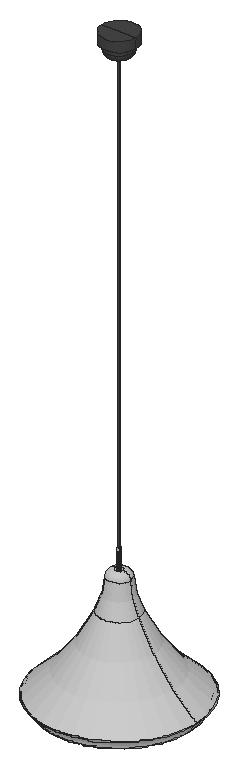
Revit family "Azalea(12,16,20,24)MB", category Lighting Fixtures, Revit 2020
Family settings
  Round Connector Dimension = Use Diameter
  Part Type = Normal
  OmniClass Number = 23.80.70.00
  OmniClass Title = Lighting
  Work Plane-Based = No
  Always vertical = Yes
  Cut with Voids When Loaded = No
  Light Source = Yes
  Shared = No
  Room Calculation Point = No
Parameters (values of type "MDA24")
  Weight = "4.5lbs"
  Wattage Comments = "60W Max"
  Wattage = 1.6 W
  Warranty = "5 year limited warranty"  # constant formula
  built-in parameter 1150110 = 1 (stored number, unit not read)
  Voltage = 277 V
  URL = "https://www.anplighting.com/assets/Uploads/product-attachments/specification-sheets/ANP-Specification-Sheet-MB-MDA24.pdf"
  built-in parameter 1114217 = 1 (stored number, unit not read)
  Tilt Angle = 90.00°
  built-in parameter 1150109 = 1 (stored number, unit not read)
  built-in parameter 1150134 = (empty or 0)
  built-in parameter 1150113 = 1 (stored number, unit not read)
  Mounting Option [instance] = 1
  Power Factor = 1
  Post Mount [instance] = Mounting Option = 5  # no
  Placement X axis side [instance] = if(Post Mount, 2' 2 15/32", if(Cord or Stem Mount, 0' 0", if(E36 20 inch, 1' 8 1/4", if(E 6 26 inch, 2' 2", if(E7 41 inch, 3' 5 1/4", 0' 1")))))  # 0' - 0"
  Photometric Web File = "MDA24M024LD35K.IES"
  Model = "MDA24"
  Manufacturer = "ANP Lighting"  # constant formula
  MDA24 = yes
  MDA20 = no
  MDA16 = no
  MDA12 = no
  built-in parameter 1150105 = 2000 (stored number, unit not read)
  Lumens = 2000 lm
  built-in parameter 1150115 = 1 (stored number, unit not read)
  Load Classification = Lighting
  Light Source Height [instance] = 1' - 6"
  built-in parameter 1150137 = (empty or 0)
  built-in parameter 1150139 = (empty or 0)
  Light Elevation _2 [instance] = if(Post Mount, 0' 0.66142", if(E7 41 inch, 0' 0.66142", if(E36 20 inch, 0' 1.65748", if(E 6 26 inch, 0' 1.53543", if(Cord or Stem Mount, (0' 4.3622" + Cord Length), 0' 0")))))  # 6' - 4.3622"
  Light Elevation _1 [instance] = if(Post Mount, 0' 0", if(E7 41 inch, 0' 0", if(E36 20 inch, 0' 1", if(E 6 26 inch, 0' 0.87402", if(Cord or Stem Mount, (0' 3.66142" + Cord Length), 0' 0")))))  # 6' - 3.66142"
  Light Elevation [instance] = if(Post Mount, 14' 0.5315", if(E7 41 inch, 0' 0", 0' 0"))  # 0' - 0"
  Life = "L70 50,000 hours"  # constant formula
  built-in parameter 1150112 = 1 (stored number, unit not read)
  built-in parameter 1150114 = 1 (stored number, unit not read)
  Lamp = "MB"
  built-in parameter 1150132 = 2
  built-in parameter 1150102 = (empty or 0)
  built-in parameter 1150107 = 2700 (stored number, unit not read)
  built-in parameter 1150138 = (empty or 0)
  built-in parameter 1150106 = 20 (stored number, unit not read)
  GLASS = Glass
  Fixture Height = 1' - 7"
  Fixture Finish = Fixture finish
  Fixture Diameter = 2' - 0"
  Efficiency = "65-125 lumens per watt"  # constant formula
  built-in parameter 1150104 = 116.13 (stored number, unit not read)
  E7 41 inch [instance] = Mounting Option = 4  # no
  E36 20 inch [instance] = Mounting Option = 3  # no
  E 6 26 inch [instance] = Mounting Option = 2  # no
  Dimming Lamp Color Temperature Shift = <None>
  Dimming = "1%"  # constant formula
  Description = "120-277 Voltage"  # constant formula
  Default Elevation = 0' - 0"
  Cord or Stem Mount [instance] = Mounting Option = 1  # yes
  Cord Length option [instance] = 0
  Cord Length [instance] = if([2' Cord], 2' 0", if([4' Cord], 4' 0", if([8' Cord], 8' 0", if([10' Cord], 10' 0", if([6' Cord], 6' 0", 6' 0")))))  # 6' - 0"
  Construction Material = "Heavy Duty spun aluminum."  # constant formula
  Color Filter = 16777215
  CRI = ">90"  # constant formula
  Body Material = body
  Body Colour = "Spun aluminium"  # constant formula
  built-in parameter 1114218 = 1 (stored number, unit not read)
  built-in parameter 1150133 = 10 (stored number, unit not read)
  Apparent Load = 60 VA
  8' Cord [instance] = Cord Length option = 8  # no
  6' Cord [instance] = Cord Length option = 6  # no
  4' Cord [instance] = Cord Length option = 4  # no
  2' Cord [instance] = Cord Length option = 2  # no
  10' Cord [instance] = Cord Length option = 10  # no
Types (5): name | Weight | Wattage | URL | Photometric Web File | Model | MDA24 | MDA20 | MDA16 | MDA12 | built-in parameter 1150105 | Lumens | Light Source Height | built-in parameter 1150106 | Fixture Height | Fixture Diameter
  (no name) | "4.5lbs" | 1.6 W | "https://www.anplighting.com/assets/Uploads/product-attachments/specification-sheets/ANP-Specification-Sheet-MB-MDA24.pdf" | "MDA24M024LD35K.IES" | "MDA24" | yes | no | no | no | 2000 (stored number, unit not read) | 2000 lm | 1' - 6" | 20 (stored number, unit not read) | 1' - 7" | 2' - 0"
  MDA12 | "3.0lbs" | 1 W | "https://www.anplighting.com/assets/Uploads/product-attachments/specification-sheets/ANP-Specification-Sheet-MB-MDA12.pdf" | "MDA12M010LD35K.IES" | "MDA12" | no | no | no | yes | 99.443 (stored number, unit not read) | 1250 lm | 0' - 8" | 0.99443 (stored number, unit not read) | 0' - 9 1/2" | 1' - 0"
  MDA16 | "3.5lbs" | 1.6 W | "https://www.anplighting.com/assets/Uploads/product-attachments/specification-sheets/ANP-Specification-Sheet-MB-MDA16.pdf" | "MDA16M016LD35K.IES" | "MDA16" | no | no | yes | no | 2000 (stored number, unit not read) | 2000 lm | 1' - 0" | 20 (stored number, unit not read) | 0' - 9 1/2" | 1' - 0"
  MDA20 | "4.0lbs" | 1.6 W | "https://www.anplighting.com/assets/Uploads/product-attachments/specification-sheets/ANP-Specification-Sheet-MB-MDA20.pdf" | "MDA20M016LD35K.IES" | "MDA20" | no | yes | no | no | 2000 (stored number, unit not read) | 2000 lm | 1' - 2" | 20 (stored number, unit not read) | 1' - 4" | 1' - 8"
  MDA24 | "4.5lbs" | 1.6 W | "https://www.anplighting.com/assets/Uploads/product-attachments/specification-sheets/ANP-Specification-Sheet-MB-MDA24.pdf" | "MDA24M024LD35K.IES" | "MDA24" | yes | no | no | no | 2000 (stored number, unit not read) | 2000 lm | 1' - 6" | 20 (stored number, unit not read) | 1' - 7" | 2' - 0"
Reference planes (in)
  plane 1 "Light Source Axis (F/B)": y = 0
  plane 2: z = 0
  plane 3 "Light Source Axis (L/R)": x = 0
  plane 4 "Light Source Elevation": z = 0
  plane 5: z = 0
  plane 6: x = 0
  plane 7 "Bulb Position": z = -76.3622
  plane 8 "Canopy Position": z = -75.66142
  plane 9 "IES": z = -94.3622
Dimensions and locks (in)
  "Light Elevation": plane 5 to plane 2
  "Placement X axis side": plane 6 to plane 3 "Light Source Axis (L/R)"
  "Light Elevation _2": plane 5 to plane 7 "Bulb Position"
  "Light Elevation _1": plane 5 to plane 8 "Canopy Position"
  "Light Source Height": plane 7 "Bulb Position" to plane 9 "IES"
  locked: plane 4 "Light Source Elevation" to plane 2
  aligned and locked: level to plane 2
  aligned and locked: plane 1 "Light Source Axis (F/B)" to nested 5
  aligned and locked: nested 5 to plane 2
  aligned and locked: nested 1 to plane 3 "Light Source Axis (L/R)"
  aligned and locked: plane 3 "Light Source Axis (L/R)" to nested 2
  aligned and locked: plane 3 "Light Source Axis (L/R)" to nested 4
  aligned and locked: nested 3 to plane 5
  aligned and locked: plane 3 "Light Source Axis (L/R)" to nested 3
  aligned and locked: plane 3 "Light Source Axis (L/R)" to nested 5
  aligned and locked: plane 1 "Light Source Axis (F/B)" to nested 2
  aligned and locked: plane 1 "Light Source Axis (F/B)" to nested 1
  aligned and locked: plane 1 "Light Source Axis (F/B)" to nested 4
  aligned and locked: plane 1 "Light Source Axis (F/B)" to nested 3
  aligned and locked: plane 2 to nested 1
  aligned and locked: plane 2 to nested 2
  aligned and locked: nested 4 to plane 2
  aligned and locked: imposter light to plane 9 "IES"
  aligned and locked: imposter light to plane 6
  aligned and locked: nested 6 to plane 8 "Canopy Position"
  aligned and locked: nested 7 to plane 8 "Canopy Position"
  aligned and locked: nested 8 to plane 8 "Canopy Position"
  aligned and locked: nested 9 to plane 8 "Canopy Position"
  aligned and locked: nested 6 to plane 6
  aligned and locked: nested 7 to plane 6
  aligned and locked: nested 8 to plane 6
  aligned and locked: nested 9 to plane 6
Nested families (in)
  nested 1: "CORD OR STEM MOUNT" at (0, 0, -75.67), visible <- "Cord or Stem Mount", Cord or Stem Mount <- "Cord or Stem Mount", Body Material <- "Body Material", Light Elevation <- "Light Elevation", Cord Length <- "Cord Length", 10' Cord <- "10' Cord", 2' Cord <- "2' Cord", 4' Cord <- "4' Cord", 6' Cord <- "6' Cord", 8' Cord <- "8' Cord", type "CORD OR STEM MOUNT"
    with Light Elevation 0' - 0", Cord or Stem Mount yes, Cord Length 6' - 0", Body Material body, 8' Cord no, 6' Cord no, 4' Cord no, 2' Cord no, 10' Cord no
  nested 2: "E6 26 INCH" at (0, 0, 0), visible <- "E 6 26 inch", Chain Length <- "Cord Length", E 6 26 inch <- "E 6 26 inch", Placement X axis side <- "Placement X axis side", Body Material <- "Body Material", Light Elevation <- "Light Elevation", type "E6 26 INCH"
    with Placement X axis side 0' - 0", Light Elevation 0' - 0", E 6 26 inch no, Chain Length 6' - 0", Body Material body
  nested 3: "E7 41 INCH" at (0, 0, 0), Chain Length <- "Cord Length", visible <- "E7 41 inch", E7 41 inch <- "E7 41 inch", Placement X axis side <- "Placement X axis side", Body Material <- "Body Material", Light Elevation <- "Light Elevation", type "E7 41 INCH"
    with Placement X axis side 0' - 0", Light Elevation 0' - 0", E7 41 inch no, Chain Length 6' - 0", Body Material body
  nested 4: "E36 20 INCH" at (0, 0, 0), visible <- "E36 20 inch", E36 20 inch <- "E36 20 inch", Placement X axis side <- "Placement X axis side", Chain Length <- "Cord Length", Body Material <- "Body Material", Light Elevation <- "Light Elevation", type "E36 20 INCH"
    with Placement X axis side 0' - 0", Light Elevation 0' - 0", E36 20 inch no, Chain Length 6' - 0", Body Material body
  nested 5: "POST MOUNT" at (0, 0, 0), visible <- "Post Mount", Post Mount <- "Post Mount", Placement X axis side <- "Placement X axis side", Chain Length <- "Cord Length", Body Material <- "Body Material", Light Elevation <- "Light Elevation", type "POST MOUNT"
    with Post Mount no, Placement X axis side 0' - 0", Light Elevation 0' - 0", Chain Length 6' - 0", Body Material body
  nested 6: "MDA12" at (0, 0, -75.66142), Light Elevation <- "Light Elevation", Body <- "Fixture Finish", MDA12 <- "MDA12", visible <- "MDA12", Lens <- "GLASS", type "MDA12"
    with MDA12 no, Light Elevation 0' - 0", Lens Glass, Body Fixture finish
  nested 7: "MDA16" at (0, 0, -75.66142), Light Elevation <- "Light Elevation", Body <- "Fixture Finish", MDA16 <- "MDA16", visible <- "MDA16", Lens <- "GLASS", type "MDA16"
    with MDA16 no, Light Elevation 0' - 0", Lens Glass, Body Fixture finish
  nested 8: "MDA20-1" at (0, 0, -75.66142), Light Elevation <- "Light Elevation", Body <- "Fixture Finish", MDA20 <- "MDA20", visible <- "MDA20", type "MDA20-1"
    with MDA20 no, Light Elevation 0' - 0", Body Fixture finish
  nested 9: "MDA24" at (0, 0, -75.66142), Light Elevation <- "Light Elevation", Body <- "Fixture Finish", visible <- "MDA24", MDA24 <- "MDA24", Lens <- "GLASS", type "MDA24"
    with MDA24 yes, Light Elevation 0' - 0", Lens Glass, Body Fixture finish
Definition of nested family "CORD OR STEM MOUNT"
  Parameters (values of type "CORD OR STEM MOUNT")
    URL = ""
    Model = ""
    Manufacturer = ""
    Light Elevation [instance] = 1' - 7.69"
    Default Elevation = 0' - 0"
    Cord or Stem Mount [instance] = yes
    Cord Length [instance] = 6' - 0"
    Body Material [instance] = none
    8' Cord [instance] = no
    6' Cord [instance] = no
    4' Cord [instance] = no
    2' Cord [instance] = no
    10' Cord [instance] = no
  Reference planes (in)
    plane 1 "Light Source Axis (F/B)": y = 0
    plane 2: z = 0
    plane 3 "Light Source Axis (L/R)": x = 0
    plane 4 "Light Source Elevation": z = 23.125
    plane 5: z = 91.69
    plane 6: z = 19.69
  Forms (in)
    Extrusion 1, void, not visible
      sketch origin (0, 0, 2.38154) x (1, 0, 0) y (0, 0, 1)
        loop
          circle (0, 4.59925) r 0.16583
      from 1.18594 to 1.75
    Extrusion 2, void, not visible
      sketch origin (0, 0, 2.38154) x (0.707107, -0.707107, 0) y (0, 0, 1)
        loop
          circle (0, 4.59925) r 0.16583
      from 1.18594 to 1.75
    Extrusion 3, void, not visible
      sketch origin (0, 0, 2.38154) x (0.707107, 0.707107, 0) y (0, 0, 1)
        loop
          circle (0, 4.59925) r 0.16583
      from 1.18594 to 1.75
    Extrusion 4, void, not visible
      sketch origin (0, 0, 2.38154) x (0, 1, 0) y (0, 0, 1)
        loop
          circle (0, 4.59925) r 0.16583
      from 1.18594 to 1.75
    Extrusion 5, void, not visible
      sketch origin (0, 0, 2.38154) x (-0.707107, 0.707107, 0) y (0, 0, 1)
        loop
          circle (0, 4.59925) r 0.16583
      from 1.18594 to 1.75
    Extrusion 6, void, not visible
      sketch origin (0, 0, 2.38154) x (-1, 0, 0) y (0, 0, 1)
        loop
          circle (0, 4.59925) r 0.20678
      from 1.18594 to 1.75
    Extrusion 7, void, not visible
      sketch origin (0, 0, 2.38154) x (-0.707107, -0.707107, 0) y (0, 0, 1)
        loop
          circle (0, 4.59925) r 0.16583
      from 1.18594 to 1.75
    Extrusion 8, void, not visible
      sketch origin (0, 0, 2.38154) x (0, -1, 0) y (0, 0, 1)
        loop
          circle (0, 4.59925) r 0.16583
      from 1.18594 to 1.75
    Revolve 9, solid, material <- "Body Material", visible <- "Cord or Stem Mount"
      sketch origin (0, 0, 174.56698) x (1, 0, 0) y (0, 0, 1)
        loop
          line (2.6875, -79.20698) -> (0, -79.20698) -> (0, -82.87698) -> (0.125, -82.87698) -> (0.125, -82.83698) -> (0.75, -82.83698)
          arc (0.75, -82.83698) -> (0.81694, -82.77004) -> (0.75, -82.7031) r 0.06694
          line (0.75, -82.7031) -> (0.89763, -82.7031) -> (1.00223, -82.5985) -> (1.06587, -82.5985)
          arc (1.06587, -82.5985) -> (1.80099, -82.29401) -> (2.10549, -81.55888) r 1.03962
          line (2.10549, -81.55888) -> (2.10549, -81.03899)
          arc (2.10549, -81.03899) -> (2.12951, -80.981) -> (2.1875, -80.95698) r 0.08201
          line (2.1875, -80.95698) -> (2.1875, -80.70698) -> (2.6875, -80.70698) -> (2.6875, -79.20698)
        axis (0, -79.20698) -> (0, -82.87698)
      angle from 0 to 360
    Revolve 10, solid, material <- "Body Material", visible <- "Cord or Stem Mount"
      sketch origin (0, 0, 0) x (1, 0, 0) y (0, 0, 1)
        loop
          line (0, 91.69) -> (-0.125, 91.69) -> (-0.125, 19.69) -> (0, 19.69) -> (0, 91.69)
        axis (0, 19.69) -> (0, 91.69)
      angle from 0 to 360
  Dimensions and locks (in)
    "Light Elevation": plane 6 to plane 2
    "Cord Length": plane 5 to plane 6
    locked: Revolve 10 sketch curve to Revolve 10 sketch curve at 0.125
    aligned and locked: level to plane 2
    aligned and locked: Revolve 10 sketch curve to plane 3 "Light Source Axis (L/R)"
    aligned and locked: Revolve 10 sketch curve to plane 6
    aligned and locked: Revolve 10 sketch curve to plane 5
    aligned and locked: plane 3 "Light Source Axis (L/R)" to Revolve 10 sketch curve
  Automatic sketch dimensions
    Revolve 9 sketch curve to plane 3 "Light Source Axis (L/R)" = 0' - 0"  (x2)
    Revolve 9 sketch curve to plane 5 = 0' - 0"
    plane 3 "Light Source Axis (L/R)" to Revolve 9 sketch curve = 0' - 0 1/8"
    Revolve 9 sketch curve to plane 5 = 0' - 0.17388"
    Revolve 9 sketch curve to Revolve 9 sketch curve = 0' - 0 5/8"
    Revolve 9 sketch curve to Revolve 9 sketch curve = 0' - 0.14763"
    Revolve 9 sketch curve to plane 5 = 0' - 0.27847"
    Revolve 9 sketch curve to Revolve 9 sketch curve = 0' - 0.1046"
    Revolve 9 sketch curve to Revolve 9 sketch curve = 0' - 0.06364"
    Revolve 9 sketch curve to Revolve 9 sketch curve = 0' - 1.03962"
    Revolve 9 sketch curve to Revolve 9 sketch curve = 0' - 0 21/256"
    Revolve 9 sketch curve to Revolve 9 sketch curve = 0' - 0 1/2"  (x2)
    Revolve 9 sketch curve to Revolve 9 sketch curve = 0' - 0.51989"
    Revolve 9 sketch curve to Revolve 9 sketch curve = 0' - 0 1/4"
    Revolve 9 sketch curve to Revolve 9 sketch curve = 0' - 2.3519"
    Revolve 9 sketch curve to Revolve 9 sketch curve = 0' - 1 1/4"
    Revolve 9 sketch curve to Revolve 9 sketch curve = 0' - 0.04"
    Revolve 10 sketch curve to Revolve 10 sketch curve = 0' - 0 1/2"
    Revolve 10 sketch curve to Revolve 10 sketch curve = 0' - 0.42345"
Definition of nested family "MDA24"
  Parameters (values of type "MDA24")
    MDA24 [instance] = yes
    Light Elevation [instance] = 0' - 0"
    Lens [instance] = none
    Default Elevation = 0' - 0"
    Body [instance] = none
  Reference planes (in)
    plane 1 "Center (Front/Back)": y = 0
    plane 2: z = 0
    plane 3 "Center (Left/Right)": x = 0
    plane 4: z = 0
  Dimensions and locks (in)
    "Light Elevation": plane 4 to plane 2
    aligned and locked: plane 2 to level
    aligned and locked: plane 3 "Center (Left/Right)" to nested 1
    aligned and locked: plane 1 "Center (Front/Back)" to nested 1
    aligned and locked: nested 1 to plane 4
  Nested families (in)
    nested 1: "MDA24" at (0, 0, -19), Lens <- "Lens", Body <- "Body", visible <- "MDA24", type "MDA24"
      with Lens none, Body none
  Definition of nested family "MDA24"
    Parameters (values of type "MDA24")
      Lens [instance] = none
      Default Elevation = 0' - 0"
      Body [instance] = none
    Reference planes (in)
      plane 1 "Center (Front/Back)": y = 0
      plane 2: z = 0
      plane 3 "Center (Left/Right)": x = 0
    Forms (in)
      Revolve 1, solid, material <- "Body"
        sketch origin (0, 0, -1) x (1, 0, 0) y (0, 0, 1)
          loop
            line (-0.25, 19.5) -> (-0.125, 19.5) -> (-0.125, 23) -> (-0.25, 23) -> (-0.25, 19.5)
          axis (0, 19.5) -> (0, 23)
        angle from 0 to 360
      Revolve 2, solid, material <- "Body"
        sketch origin (0, 0, -1) x (1, 0, 0) y (0, 0, 1)
          loop
            arc (-3.03395, 14.14321) -> (-6.91841, 7.80581) -> (-12.17973, 2.55507) r 31.5
            arc (-12.17973, 2.55507) -> (-12.20253, 2.50404) -> (-12.17336, 2.45635) r 0.06
            arc (-12.17336, 2.45635) -> (-11.51216, 1.85617) -> (-11.13649, 1.04606) r 2.25
            arc (-11.13649, 1.04606) -> (-11.11531, 1.0129) -> (-11.07813, 1) r 0.06
            line (-11.07813, 1) -> (-11.01563, 1) -> (-11.01563, 1.08) -> (-11.0624, 1.08)
            arc (-11.0624, 1.08) -> (-11.44379, 1.89822) -> (-12.10756, 2.51006) r 2.33
            arc (-12.10756, 2.51006) -> (-6.84665, 7.7676) -> (-2.96128, 14.10974) r 31.58
            arc (-2.96128, 14.10974) -> (-2.11564, 16.48565) -> (-1.70741, 18.9743) r 14.08
            arc (-1.70741, 18.9743) -> (-1.3846, 19.64706) -> (-0.69012, 19.92) r 1.02
            line (-0.69012, 19.92) -> (-0.25, 19.92) -> (-0.25, 20) -> (-0.69012, 20)
            arc (-0.69012, 20) -> (-1.43907, 19.70565) -> (-1.7872, 18.98013) r 1.1
            arc (-1.7872, 18.98013) -> (-2.19311, 16.50562) -> (-3.03395, 14.14321) r 14
          axis (0, 1) -> (0, 20)
        angle from 0 to 360
      Revolve 3, solid, material <- "Lens"
        sketch origin (0, 0, -1) x (1, 0, 0) y (0, 0, 1)
          loop
            line (0, 2.76228) -> (-11.625, 2.76228) -> (-11.625, 2.69978) -> (0, 2.69978) -> (0, 2.76228)
          axis (0, 2.69978) -> (0, 2.76228)
        angle from 0 to 360
    Dimensions and locks (in)
      aligned and locked: plane 2 to level
Definition of nested family "E6 26 INCH"
  Parameters (values of type "E6 26 INCH")
    URL = ""
    Placement X axis side [instance] = 2' - 2"
    Model = ""
    Manufacturer = ""
    Light Elevation [instance] = 8' - 4"
    E 6 26 inch [instance] = yes
    Default Elevation = 0' - 0"
    Chain Length [instance] = 0' - 0"
    Body Material [instance] = none
  Reference planes (in)
    plane 1 "Light Source Axis (F/B)": y = 0
    plane 2: z = 0
    plane 3 "Light Source Axis (L/R)": x = 0
    plane 4 "Light Source Elevation": z = 23.125
    plane 5: z = 100
    plane 6: x = -26
    plane 7: z = 99.125
    plane 8: x = -24.12
    plane 9: x = -25.5474
  Forms (in)
    Extrusion 1, void, not visible
      sketch origin (0, 0, 2.38154) x (1, 0, 0) y (0, 0, 1)
        loop
          circle (0, 4.59925) r 0.16583
      from 1.18594 to 1.75
    Extrusion 2, void, not visible
      sketch origin (0, 0, 2.38154) x (0.707107, -0.707107, 0) y (0, 0, 1)
        loop
          circle (0, 4.59925) r 0.16583
      from 1.18594 to 1.75
    Extrusion 3, void, not visible
      sketch origin (0, 0, 2.38154) x (0.707107, 0.707107, 0) y (0, 0, 1)
        loop
          circle (0, 4.59925) r 0.16583
      from 1.18594 to 1.75
    Extrusion 4, void, not visible
      sketch origin (0, 0, 2.38154) x (0, 1, 0) y (0, 0, 1)
        loop
          circle (0, 4.59925) r 0.16583
      from 1.18594 to 1.75
    Extrusion 5, void, not visible
      sketch origin (0, 0, 2.38154) x (-0.707107, 0.707107, 0) y (0, 0, 1)
        loop
          circle (0, 4.59925) r 0.16583
      from 1.18594 to 1.75
    Extrusion 6, void, not visible
      sketch origin (0, 0, 2.38154) x (-1, 0, 0) y (0, 0, 1)
        loop
          circle (0, 4.59925) r 0.20678
      from 1.18594 to 1.75
    Extrusion 7, void, not visible
      sketch origin (0, 0, 2.38154) x (-0.707107, -0.707107, 0) y (0, 0, 1)
        loop
          circle (0, 4.59925) r 0.16583
      from 1.18594 to 1.75
    Extrusion 8, void, not visible
      sketch origin (0, 0, 2.38154) x (0, -1, 0) y (0, 0, 1)
        loop
          circle (0, 4.59925) r 0.16583
      from 1.18594 to 1.75
    Sweep 9, solid, material <- "Body Material", visible <- "E 6 26 inch"
      path origin (-41.25, 0, 168.51693) x (1, 0, 0) y (0, 0, 1)
        loop
          line (17.13, -68.51693) -> (27.68551, -68.51693)
          arc (27.68551, -68.51693) -> (28.47996, -68.34486) -> (29.13202, -67.8595) r 1.92004
          line (29.13202, -67.8595) -> (34.23651, -62.01155)
          arc (34.23651, -62.01155) -> (38.65464, -60.89667) -> (41.25, -64.64193) r 4
          line (41.25, -64.64193) -> (41.25, -69.39193)
      profile origin (-18.84224, 0, 100) x (0, 0, 1) y (0, -1, 0)
        loop
          circle (0, 0) r 0.5
    Revolve 10, solid, material <- "Body Material", visible <- "E 6 26 inch"
      sketch origin (-26, 0, 168.51693) x (1, 0, 0) y (0, 0, 1)
        loop
          line (0, -66.07943) -> (0, -68.51693) -> (1.88, -68.51693) -> (1.88, -67.69272) -> (0.4526, -67.69272) -> (0.4526, -66.54122) -> (0.33125, -66.54122) -> (0.33125, -66.07943) -> (0, -66.07943)
        axis (0, -68.51693) -> (1.88, -68.51693)
      angle from 0 to 360
    Extrusion 11, solid, material <- "Body Material", visible <- "E 6 26 inch"
      sketch origin (-26, 0, 168.51693) x (0, -1, 0) y (0, 0, -1)
        loop
          line (0.25, 68.51693) -> (0.25, 69.51693) -> (-0.25, 69.51693) -> (-0.25, 68.51693) -> (0.25, 68.51693)
      from 0.4526 to 1.88
  Cuts and joins
    joined: Revolve 10, Extrusion 11
  Dimensions and locks (in)
    "Light Elevation": plane 5 to plane 2
    "Placement X axis side": plane 3 "Light Source Axis (L/R)" to plane 6
    locked: plane 5 to plane 7 at 0.875
    Revolve 10 sketch curve to Revolve 10 sketch curve to Revolve 10 sketch curve to plane 6 = 0' - 1.4274" locked, 0' - 0.12135" locked, 0' - 0.33125" locked
    Revolve 10 sketch curve to Revolve 10 sketch curve to Revolve 10 sketch curve to plane 5 = 0' - 0.46179" locked, 0' - 1.1515" locked, 0' - 0 211/256" locked
    locked: Sweep 9 sketch curve to plane 6 at 1.88
    locked: Sweep 9 sketch curve to Sweep 9 sketch curve at 10.55551
    locked: Sweep 9 sketch curve to Sweep 9 sketch curve at 13.56449
    locked: Sweep 9 sketch curve to Sweep 9 sketch curve at 4.75
    locked: plane 9 to plane 6 at 0.4526
    locked: plane 8 to plane 9 at 1.4274
    aligned and locked: level to plane 2
    aligned and locked: Revolve 10 sketch curve to plane 6
    aligned and locked: plane 5 to Revolve 10 sketch curve
    aligned and locked: Revolve 10 sketch curve to plane 5
    aligned and locked: cut or joined group of Revolve 10, Extrusion 11 to plane 9
    aligned and locked: plane 8 to cut or joined group of Revolve 10, Extrusion 11
  Automatic sketch dimensions
    Sweep 9 sketch curve to plane 5 = 0' - 0"
    Sweep 9 sketch curve to Sweep 9 sketch curve = 0' - 4"
    Sweep 9 sketch curve to Sweep 9 sketch curve = 0' - 3.01349"
    plane 5 to Sweep 9 sketch curve = 0' - 0.65743"
    Sweep 9 sketch curve to Sweep 9 sketch curve = 0' - 1.4465"
    Sweep 9 sketch curve to plane 5 = 0' - 0 7/8"
    profile plane to Sweep 9 sketch curve = 0' - 0"
    Sweep 9 sketch curve to profile plane = 0' - 0"
    plane 6 to Revolve 10 sketch curve = 0' - 0.62562"
    Revolve 10 sketch curve to Revolve 10 sketch curve = 0' - 0 1/2"
    Extrusion 11 sketch curve to plane 5 = 0' - 0"
    plane 1 "Light Source Axis (F/B)" to Extrusion 11 sketch curve = 0' - 0 1/4"
    Extrusion 11 sketch curve to plane 1 "Light Source Axis (F/B)" = 0' - 0 1/4"
    plane 5 to Extrusion 11 sketch curve = 0' - 1"
    radius of Sweep 9 sketch curve = 0' - 0 1/2"
Definition of nested family "E7 41 INCH"
  Parameters (values of type "E7 41 INCH")
    URL = ""
    Placement X axis side [instance] = 4' - 2"
    Model = ""
    Manufacturer = ""
    Light Elevation [instance] = 8' - 4"
    E7 41 inch [instance] = yes
    Default Elevation = 0' - 0"
    Chain Length [instance] = 0' - 0"
    Body Material [instance] = none
  Reference planes (in)
    plane 1 "Light Source Axis (F/B)": y = 0
    plane 2: z = 0
    plane 3 "Light Source Axis (L/R)": x = 0
    plane 4 "Light Source Elevation": z = 23.125
    plane 5: z = 100
    plane 6: x = -50
  Forms (in)
    Extrusion 1, void, not visible
      sketch origin (0, 0, 2.38154) x (1, 0, 0) y (0, 0, 1)
        loop
          circle (0, 4.59925) r 0.16583
      from 1.18594 to 1.75
    Extrusion 2, void, not visible
      sketch origin (0, 0, 2.38154) x (0.707107, -0.707107, 0) y (0, 0, 1)
        loop
          circle (0, 4.59925) r 0.16583
      from 1.18594 to 1.75
    Extrusion 3, void, not visible
      sketch origin (0, 0, 2.38154) x (0.707107, 0.707107, 0) y (0, 0, 1)
        loop
          circle (0, 4.59925) r 0.16583
      from 1.18594 to 1.75
    Extrusion 4, void, not visible
      sketch origin (0, 0, 2.38154) x (0, 1, 0) y (0, 0, 1)
        loop
          circle (0, 4.59925) r 0.16583
      from 1.18594 to 1.75
    Extrusion 5, void, not visible
      sketch origin (0, 0, 2.38154) x (-0.707107, 0.707107, 0) y (0, 0, 1)
        loop
          circle (0, 4.59925) r 0.16583
      from 1.18594 to 1.75
    Extrusion 6, void, not visible
      sketch origin (0, 0, 2.38154) x (-1, 0, 0) y (0, 0, 1)
        loop
          circle (0, 4.59925) r 0.20678
      from 1.18594 to 1.75
    Extrusion 7, void, not visible
      sketch origin (0, 0, 2.38154) x (-0.707107, -0.707107, 0) y (0, 0, 1)
        loop
          circle (0, 4.59925) r 0.16583
      from 1.18594 to 1.75
    Extrusion 8, void, not visible
      sketch origin (0, 0, 2.38154) x (0, -1, 0) y (0, 0, 1)
        loop
          circle (0, 4.59925) r 0.16583
      from 1.18594 to 1.75
    Revolve 9, solid, material <- "Body Material", visible <- "E7 41 inch"
      sketch origin (-41.25, 0, 168.39193) x (1, 0, 0) y (0, 0, 1)
        loop
          line (-8.75, -66.20443) -> (-8.75, -68.51693) -> (-6.87, -68.51693) -> (-6.87, -67.69272) -> (-8.2974, -67.69272) -> (-8.2974, -66.54122) -> (-8.41875, -66.54122) -> (-8.41875, -66.20443) -> (-8.75, -66.20443)
        axis (-8.75, -68.51693) -> (-6.87, -68.51693)
      angle from 0 to 360
    Extrusion 10, solid, material <- "Body Material", visible <- "E7 41 inch"
      sketch origin (-41.25, 0, 168.39193) x (0, -1, 0) y (0, 0, -1)
        loop
          line (0.25, 68.51693) -> (0.25, 69.51693) -> (-0.25, 69.51693) -> (-0.25, 68.51693) -> (0.25, 68.51693)
      from -8.2974 to -6.87
    Sweep 11, solid, material <- "Body Material", visible <- "E7 41 inch"
      path origin (-41.25, 0, 168.39193) x (1, 0, 0) y (0, 0, 1)
        loop
          line (-6.87, -68.51693) -> (16.04011, -68.51693)
          arc (16.04011, -68.51693) -> (17.864, -68.13651) -> (19.38375, -67.0587) r 4.5625
          line (19.38375, -67.0587) -> (24.70217, -61.33018)
          arc (24.70217, -61.33018) -> (29.64465, -60.20324) -> (32.5, -64.39193) r 4.5
          line (32.5, -64.39193) -> (32.5, -68.39193)
      profile origin (-36.66494, 0, 99.875) x (0, 0, 1) y (0, -1, 0)
        loop
          circle (0, 0) r 0.5
  Dimensions and locks (in)
    "Placement X axis side": plane 3 "Light Source Axis (L/R)" to plane 6
    "Light Elevation": plane 5 to plane 2
    locked: Revolve 9 sketch curve to Revolve 9 sketch curve at 0.33125
    locked: Revolve 9 sketch curve to Revolve 9 sketch curve at 0.4526
    locked: Revolve 9 sketch curve to Revolve 9 sketch curve at 1.88
    locked: Revolve 9 sketch curve to Revolve 9 sketch curve at 0.82421
    locked: Revolve 9 sketch curve to Revolve 9 sketch curve at 1.1515
    locked: Revolve 9 sketch curve to Revolve 9 sketch curve at 0.33679
    locked: plane 5 to Revolve 9 sketch curve at 0.125
    locked: Extrusion 10 sketch curve to Extrusion 10 sketch curve at 0.5
    locked: Extrusion 10 sketch curve to Extrusion 10 sketch curve at 1
    locked: plane 5 to Extrusion 10 sketch curve at 0.125
    locked: plane 5 to Sweep 11 sketch curve at 0.125
    locked: Sweep 11 sketch curve to Sweep 11 sketch curve at 39.37
    locked: Sweep 11 sketch curve to Sweep 11 sketch curve at 4
    locked: plane 6 to Extrusion 10 at 0.4526
    locked: Sweep 11 sketch curve to plane 6 at 1.88
    locked: Extrusion 10 to Extrusion 10 at 1.4274
    aligned and locked: plane 2 to level
    aligned and locked: Revolve 9 sketch curve to plane 6
  Automatic sketch dimensions
    Revolve 9 sketch curve to plane 5 = 0' - 0 1/8"
    plane 6 to Revolve 9 sketch curve = 0' - 0.62562"
    Revolve 9 sketch curve to Revolve 9 sketch curve = 0' - 0 1/2"
    plane 1 "Light Source Axis (F/B)" to Extrusion 10 sketch curve = 0' - 0 1/4"
    Sweep 11 sketch curve to plane 5 = 0' - 0"
    Sweep 11 sketch curve to Sweep 11 sketch curve = 0' - 4 1/2"
    Sweep 11 sketch curve to Sweep 11 sketch curve = 0' - 3.29783"
    plane 5 to Sweep 11 sketch curve = 0' - 1.33323"
    Sweep 11 sketch curve to Sweep 11 sketch curve = 0' - 5.31842"
    Sweep 11 sketch curve to Sweep 11 sketch curve = 0' - 3.34364"
    profile plane to Sweep 11 sketch curve = 0' - 0"
    Sweep 11 sketch curve to profile plane = 0' - 0"
    radius of Sweep 11 sketch curve = 0' - 0 1/2"
Definition of nested family "E36 20 INCH"
  Parameters (values of type "E36 20 INCH")
    URL = ""
    Placement X axis side [instance] = 1' - 8 1/4"
    Model = ""
    Manufacturer = ""
    Light Elevation [instance] = 8' - 4"
    E36 20 inch [instance] = yes
    Default Elevation = 0' - 0"
    Chain Length [instance] = 0' - 0"
    Body Material [instance] = none
  Reference planes (in)
    plane 1 "Light Source Axis (F/B)": y = 0
    plane 2: z = 0
    plane 3 "Light Source Axis (L/R)": x = 0
    plane 4 "Light Source Elevation": z = 23.125
    plane 5: z = 99
    plane 6: x = -20.25
    plane 7: z = 100
    plane 8: x = -18.37008
    plane 9: x = -19.79724
  Forms (in)
    Extrusion 1, void, not visible
      sketch origin (0, 0, 2.38154) x (1, 0, 0) y (0, 0, 1)
        loop
          circle (0, 4.59925) r 0.16583
      from 1.18594 to 1.75
    Extrusion 2, void, not visible
      sketch origin (0, 0, 2.38154) x (0.707107, -0.707107, 0) y (0, 0, 1)
        loop
          circle (0, 4.59925) r 0.16583
      from 1.18594 to 1.75
    Extrusion 3, void, not visible
      sketch origin (0, 0, 2.38154) x (0.707107, 0.707107, 0) y (0, 0, 1)
        loop
          circle (0, 4.59925) r 0.16583
      from 1.18594 to 1.75
    Extrusion 4, void, not visible
      sketch origin (0, 0, 2.38154) x (0, 1, 0) y (0, 0, 1)
        loop
          circle (0, 4.59925) r 0.16583
      from 1.18594 to 1.75
    Extrusion 5, void, not visible
      sketch origin (0, 0, 2.38154) x (-0.707107, 0.707107, 0) y (0, 0, 1)
        loop
          circle (0, 4.59925) r 0.16583
      from 1.18594 to 1.75
    Extrusion 6, void, not visible
      sketch origin (0, 0, 2.38154) x (-1, 0, 0) y (0, 0, 1)
        loop
          circle (0, 4.59925) r 0.20678
      from 1.18594 to 1.75
    Extrusion 7, void, not visible
      sketch origin (0, 0, 2.38154) x (-0.707107, -0.707107, 0) y (0, 0, 1)
        loop
          circle (0, 4.59925) r 0.16583
      from 1.18594 to 1.75
    Extrusion 8, void, not visible
      sketch origin (0, 0, 2.38154) x (0, -1, 0) y (0, 0, 1)
        loop
          circle (0, 4.59925) r 0.16583
      from 1.18594 to 1.75
    Sweep 9, solid, material <- "Body Material", visible <- "E36 20 inch"
      path origin (-41.25, 0, 169.51693) x (1, 0, 0) y (0, 0, 1)
        loop
          line (22.88, -69.51693) -> (28.93827, -69.51693)
          arc (28.93827, -69.51693) -> (29.97705, -69.28152) -> (30.81284, -68.62128) r 2.40953
          line (30.81284, -68.62128) -> (34.13807, -64.50378)
          arc (34.13807, -64.50378) -> (38.58272, -63.24548) -> (41.25, -67.01693) r 4
          line (41.25, -67.01693) -> (41.25, -70.51693)
      profile origin (-15.34086, 0, 100) x (0, 0, 1) y (0, -1, 0)
        loop
          circle (0, 0) r 0.5
    Revolve 10, solid, material <- "Body Material", visible <- "E36 20 inch"
      sketch origin (-20.25, 0, 169.51693) x (1, 0, 0) y (0, 0, 1)
        loop
          line (0, -67.20443) -> (0, -69.51693) -> (1.88, -69.51693) -> (1.88, -68.69272) -> (0.4526, -68.69272) -> (0.4526, -67.54122) -> (0.33125, -67.54122) -> (0.33125, -67.20443) -> (0, -67.20443)
        axis (0, -69.51693) -> (1.88, -69.51693)
      angle from 0 to 360
    Extrusion 11, solid, material <- "Body Material", visible <- "E36 20 inch"
      sketch origin (-20.25, 0, 169.51693) x (0, -1, 0) y (0, 0, -1)
        loop
          line (0.25, 69.51693) -> (0.25, 70.51693) -> (-0.25, 70.51693) -> (-0.25, 69.51693) -> (0.25, 69.51693)
      from 1.87992 to 0.45276
  Cuts and joins
    joined: Revolve 10, Extrusion 11
  Dimensions and locks (in)
    "Light Elevation": plane 7 to plane 2
    "Placement X axis side": plane 3 "Light Source Axis (L/R)" to plane 6
    locked: plane 7 to plane 5 at 1
    Revolve 10 sketch curve to Revolve 10 sketch curve to Revolve 10 sketch curve to plane 7 = 0' - 0.33679" locked, 0' - 1.1515" locked, 0' - 0 211/256" locked
    locked: Sweep 9 sketch curve to plane 6 at 1.88
    locked: Sweep 9 sketch curve to Sweep 9 sketch curve at 6.05827
    locked: Sweep 9 sketch curve to Sweep 9 sketch curve at 12.31173
    locked: Sweep 9 sketch curve to Sweep 9 sketch curve at 3.5
    Revolve 10 sketch curve to Revolve 10 sketch curve to Revolve 10 sketch curve to plane 6 = 0' - 1.4274" locked, 0' - 0.12135" locked, 0' - 0.33125" locked
    locked: plane 9 to plane 6 at 0.45276
    locked: plane 8 to plane 9 at 1.42717
    aligned and locked: level to plane 2
    aligned and locked: plane 7 to Revolve 10 sketch curve
    aligned and locked: Revolve 10 sketch curve to plane 7
    aligned and locked: Revolve 10 sketch curve to plane 6
    aligned and locked: cut or joined group of Revolve 10, Extrusion 11 to plane 9
    aligned and locked: plane 8 to cut or joined group of Revolve 10, Extrusion 11
  Automatic sketch dimensions
    Sweep 9 sketch curve to plane 7 = 0' - 0"
    Sweep 9 sketch curve to plane 5 = 0' - 0"
    Sweep 9 sketch curve to Sweep 9 sketch curve = 0' - 4"
    Sweep 9 sketch curve to plane 7 = 0' - 0.89565"
    Sweep 9 sketch curve to Sweep 9 sketch curve = 0' - 3.32523"
    Sweep 9 sketch curve to Sweep 9 sketch curve = 0' - 1.87457"
    profile plane to Sweep 9 sketch curve = 0' - 0"
    Sweep 9 sketch curve to profile plane = 0' - 0"
    plane 6 to Revolve 10 sketch curve = 0' - 0.62562"
    Revolve 10 sketch curve to Revolve 10 sketch curve = 0' - 0 1/2"
    plane 7 to Extrusion 11 sketch curve = 0' - 0"
    Extrusion 11 sketch curve to plane 5 = 0' - 0"
    plane 1 "Light Source Axis (F/B)" to Extrusion 11 sketch curve = 0' - 0 1/4"
    Extrusion 11 sketch curve to plane 1 "Light Source Axis (F/B)" = 0' - 0 1/4"
    radius of Sweep 9 sketch curve = 0' - 0 1/2"
Definition of nested family "POST MOUNT"
  Parameters (values of type "POST MOUNT")
    URL = ""
    Post Mount [instance] = yes
    Placement X axis side [instance] = 2' - 2 1/2"
    Model = ""
    Manufacturer = ""
    Light Elevation [instance] = 14' - 0.5168"
    Default Elevation = 0' - 0"
    Chain Length [instance] = 0' - 0"
    Body Material [instance] = none
  Reference planes (in)
    plane 1 "Light Source Axis (F/B)": y = 0
    plane 2: z = 0
    plane 3 "Light Source Axis (L/R)": x = 0
    plane 4 "Light Source Elevation": z = 23.125
    plane 5: x = -26.5
    plane 6: z = 168.5168
  Forms (in)
    Extrusion 1, void, not visible
      sketch origin (0, 0, 2.38154) x (1, 0, 0) y (0, 0, 1)
        loop
          circle (0, 4.59925) r 0.16583
      from 1.18594 to 1.75
    Extrusion 2, void, not visible
      sketch origin (0, 0, 2.38154) x (0.707107, -0.707107, 0) y (0, 0, 1)
        loop
          circle (0, 4.59925) r 0.16583
      from 1.18594 to 1.75
    Extrusion 3, void, not visible
      sketch origin (0, 0, 2.38154) x (0.707107, 0.707107, 0) y (0, 0, 1)
        loop
          circle (0, 4.59925) r 0.16583
      from 1.18594 to 1.75
    Extrusion 4, void, not visible
      sketch origin (0, 0, 2.38154) x (0, 1, 0) y (0, 0, 1)
        loop
          circle (0, 4.59925) r 0.16583
      from 1.18594 to 1.75
    Extrusion 5, void, not visible
      sketch origin (0, 0, 2.38154) x (-0.707107, 0.707107, 0) y (0, 0, 1)
        loop
          circle (0, 4.59925) r 0.16583
      from 1.18594 to 1.75
    Extrusion 6, void, not visible
      sketch origin (0, 0, 2.38154) x (-1, 0, 0) y (0, 0, 1)
        loop
          circle (0, 4.59925) r 0.20678
      from 1.18594 to 1.75
    Extrusion 7, void, not visible
      sketch origin (0, 0, 2.38154) x (-0.707107, -0.707107, 0) y (0, 0, 1)
        loop
          circle (0, 4.59925) r 0.16583
      from 1.18594 to 1.75
    Extrusion 8, void, not visible
      sketch origin (0, 0, 2.38154) x (0, -1, 0) y (0, 0, 1)
        loop
          circle (0, 4.59925) r 0.16583
      from 1.18594 to 1.75
    Revolve 9, solid, material <- "Body Material", visible <- "Post Mount"
      sketch origin (-7.90508, 0, 0) x (1, 0, 0) y (0, 0, 1)
        loop
          line (-18.59492, 3.92912) -> (-16.29831, 3.92912) -> (-16.29831, 4.2668) -> (-16.91413, 4.2668) -> (-16.91413, 134.5168) -> (-17.16413, 134.5168) -> (-17.16413, 137.3918) -> (-17.05979, 137.3918)
          arc (-17.05979, 137.3918) -> (-16.93479, 137.5168) -> (-17.05979, 137.6418) r 0.125
          line (-17.05979, 137.6418) -> (-17.48032, 137.6418) -> (-17.48032, 139.0793) -> (-17.73032, 139.0793) -> (-17.73032, 139.5793) -> (-18.59492, 139.5793) -> (-18.59492, 3.92912)
        axis (-18.59492, 139.5793) -> (-18.59492, 3.92912)
      angle from 0 to 360
    Extrusion 10, solid, material <- "Body Material", visible <- "Post Mount"
      sketch origin (0, 0, 0) x (1, 0, 0) y (0, 1, 0)
        loop
          line (-20.5, 5.93079) -> (-32.5, 5.93079) -> (-32.5, -6.06921) -> (-20.5, -6.06921) -> (-20.5, 5.93079)
      from 0 to 3.92912
    Sweep 11, solid, material <- "Body Material", visible <- "Post Mount"
      path origin (0, 0, 48.5) x (1, 0, 0) y (0, 0, 1)
        loop
          line (0, 120.0168) -> (0, 128.0168)
          arc (0, 128.0168) -> (-13.25, 141.2668) -> (-26.5, 128.0168) r 13.25
          line (-26.5, 128.0168) -> (-26.5, 91.0793)
      profile origin (0, 0, 172.5168) x (-1, 0, 0) y (0, -1, 0)
        loop
          circle (0, 0) r 0.5
    Revolve 12, solid, material <- "Body Material", visible <- "Post Mount"
      sketch origin (0, 0, 0) x (1, 0, 0) y (0, 0, 1)
        loop
          line (0, 168.5168) -> (0.75, 168.5168) -> (0.75, 170.7668) -> (0, 170.7668) -> (0, 168.5168)
        axis (0, 170.7668) -> (0, 168.5168)
      angle from 0 to 360
  Cuts and joins
    joined: Revolve 9, Extrusion 10, Sweep 11, Revolve 12
  Dimensions and locks (in)
    "Placement X axis side": plane 3 "Light Source Axis (L/R)" to plane 5
    "Light Elevation": plane 6 to plane 2
    locked: Revolve 12 sketch curve to plane 5 at 26.5  (x2)
    locked: Revolve 9 sketch curve to plane 2 at 3.92912
    locked: Revolve 9 sketch curve to plane 5 at 2.29661
    locked: Revolve 9 sketch curve to plane 5 at 1.68079
    locked: Revolve 9 sketch curve to plane 5 at 1.43079
    locked: Revolve 9 sketch curve to plane 5 at 1.11461
    locked: Revolve 9 sketch curve to plane 5 at 0.86461
    locked: Revolve 9 sketch curve to Revolve 9 sketch curve at 130.58768
    locked: Revolve 9 sketch curve to Revolve 9 sketch curve at 2.875
    locked: Revolve 9 sketch curve to Revolve 9 sketch curve at 0.25
    locked: Revolve 9 sketch curve to Revolve 9 sketch curve at 1.4375
    locked: Revolve 9 sketch curve to Revolve 9 sketch curve at 0.5
    locked: Sweep 11 sketch curve to Sweep 11 sketch curve at 26.5
    locked: Revolve 12 sketch curve to Revolve 12 sketch curve at 0.75
    locked: cut or joined group of Revolve 9, Extrusion 10, Sweep 11, Revolve 12 to plane 2 at 139.5793
    aligned and locked: level to plane 2
    aligned and locked: plane 5 to Sweep 11 sketch curve
    aligned and locked: Revolve 9 sketch curve to plane 5
  Automatic sketch dimensions
    Revolve 9 sketch curve to plane 5 = 0' - 0"
    Revolve 9 sketch curve to Revolve 9 sketch curve = 0' - 0.10434"
    Revolve 9 sketch curve to Revolve 9 sketch curve = 0' - 0.33768"
    Revolve 9 sketch curve to Revolve 9 sketch curve = 0' - 0 1/4"
    Revolve 9 sketch curve to Revolve 9 sketch curve = 0' - 0 7/16"
    Extrusion 10 sketch curve to plane 5 = 0' - 6"
    plane 5 to Extrusion 10 sketch curve = 0' - 6"
    plane 1 "Light Source Axis (F/B)" to Extrusion 10 sketch curve = 0' - 6.06921"
    Extrusion 10 sketch curve to plane 1 "Light Source Axis (F/B)" = 0' - 5.93079"
    Sweep 11 sketch curve to profile plane = 0' - 0"
    profile plane to Sweep 11 sketch curve = 0' - 0"
    Sweep 11 sketch curve to plane 6 = 0' - 0"
    Sweep 11 sketch curve to plane 6 = 0' - 8"
    plane 6 to Sweep 11 sketch curve = 2' - 4 15/16"
    Revolve 12 sketch curve to plane 6 = 0' - 0"
    Revolve 12 sketch curve to plane 6 = 0' - 2 1/4"
    Revolve 12 sketch curve to Revolve 12 sketch curve = 0' - 0 1/2"
    Revolve 12 sketch curve to Revolve 12 sketch curve = 0' - 0"
    radius of Sweep 11 sketch curve = 0' - 0 1/2"
Definition of nested family "MDA12"
  Parameters (values of type "MDA12")
    MDA12 [instance] = yes
    Light Elevation [instance] = 0' - 0"
    Lens [instance] = none
    Default Elevation = 0' - 0"
    Body [instance] = none
  Reference planes (in)
    plane 1 "Center (Front/Back)": y = 0
    plane 2: z = 0
    plane 3 "Center (Left/Right)": x = 0
    plane 4: z = 0
  Dimensions and locks (in)
    "Light Elevation": plane 4 to plane 2
    aligned and locked: plane 2 to level
    aligned and locked: plane 3 "Center (Left/Right)" to nested 1
    aligned and locked: plane 1 "Center (Front/Back)" to nested 1
    aligned and locked: nested 1 to plane 4
  Nested families (in)
    nested 1: "MDA12" at (0, 0, -9.5), Lens <- "Lens", Body <- "Body", visible <- "MDA12", type "MDA12"
      with Lens none, Body none
  Definition of nested family "MDA12"
    Parameters (values of type "MDA12")
      Lens [instance] = none
      Default Elevation = 0' - 0"
      Body [instance] = none
    Reference planes (in)
      plane 1 "Center (Front/Back)": y = 0
      plane 2: z = 0
      plane 3 "Center (Left/Right)": x = 0
    Forms (in)
      Revolve 1, solid, material <- "Body"
        sketch origin (0, 0, -0.4111) x (1, 0, 0) y (0, 0, 1)
          loop
            arc (-6.23583, 1.09968) -> (-6.24782, 1.07181) -> (-6.23067, 1.04678) r 0.03144
            arc (-6.23067, 1.04678) -> (-5.90989, 0.80957) -> (-5.68659, 0.47895) r 1.17902
            arc (-5.68659, 0.47895) -> (-5.64405, 0.42954) -> (-5.58151, 0.4111) r 0.11528
            line (-5.58151, 0.4111) -> (-5.54248, 0.4111) -> (-5.54248, 0.49494) -> (-5.58151, 0.49494)
            arc (-5.58151, 0.49494) -> (-5.59857, 0.49997) -> (-5.61017, 0.51345) r 0.03144
            arc (-5.61017, 0.51345) -> (-5.82165, 0.83771) -> (-6.12143, 1.08268) r 1.26286
            arc (-6.12143, 1.08268) -> (-3.31676, 3.88875) -> (-1.25853, 7.28049) r 16.5901
            arc (-1.25853, 7.28049) -> (-0.86769, 8.41749) -> (-0.6974, 9.60768) r 6.37194
            arc (-0.6974, 9.60768) -> (-0.6262, 9.76357) -> (-0.46709, 9.82726) r 0.23056
            line (-0.46709, 9.82726) -> (-0.25, 9.82726) -> (-0.25, 9.9111) -> (-0.46709, 9.9111)
            arc (-0.46709, 9.9111) -> (-0.68405, 9.82425) -> (-0.78114, 9.61167) r 0.3144
            arc (-0.78114, 9.61167) -> (-0.9492, 8.43715) -> (-1.33489, 7.3151) r 6.2881
            arc (-1.33489, 7.3151) -> (-3.40729, 3.90927) -> (-6.23583, 1.09968) r 16.50626
          axis (0, 9.9111) -> (0, 0.4111)
        angle from 0 to 360
      Revolve 2, solid, material <- "Body"
        sketch origin (0, 0, -0.21875) x (1, 0, 0) y (0, 0, 1)
          loop
            line (-0.25, 8.97584) -> (-0.125, 8.97584) -> (-0.125, 12.47584) -> (-0.25, 12.47584) -> (-0.25, 8.97584)
          axis (0, 12.47584) -> (0, 8.97584)
        angle from 0 to 360
      Revolve 3, solid, material <- "Lens"
        sketch origin (0, 0, -0.4111) x (1, 0, 0) y (0, 0, 1)
          loop
            line (0, 1.3116) -> (-4.74112, 1.3116) -> (-4.74112, 1.2491) -> (0, 1.2491) -> (0, 1.3116)
          axis (0, 1.3116) -> (0, 1.2491)
        angle from 0 to 360
    Dimensions and locks (in)
      aligned and locked: plane 2 to level
Definition of nested family "MDA16"
  Parameters (values of type "MDA16")
    MDA16 [instance] = yes
    Light Elevation [instance] = 0' - 0"
    Lens [instance] = none
    Default Elevation = 0' - 0"
    Body [instance] = none
  Reference planes (in)
    plane 1 "Center (Front/Back)": y = 0
    plane 2: z = 0
    plane 3 "Center (Left/Right)": x = 0
    plane 4: z = 0
  Dimensions and locks (in)
    "Light Elevation": plane 4 to plane 2
    aligned and locked: plane 2 to level
    aligned and locked: plane 3 "Center (Left/Right)" to nested 1
    aligned and locked: plane 1 "Center (Front/Back)" to nested 1
    aligned and locked: plane 4 to nested 1
  Nested families (in)
    nested 1: "MDA16" at (0, 0, -12.5), Lens <- "Lens", Body <- "Body", visible <- "MDA16", type "MDA16"
      with Lens none, Body none
  Definition of nested family "MDA16"
    Parameters (values of type "MDA16")
      Lens [instance] = none
      Default Elevation = 0' - 0"
      Body [instance] = none
    Reference planes (in)
      plane 1 "Center (Front/Back)": y = 0
      plane 2: z = 0
      plane 3 "Center (Left/Right)": x = 0
    Forms (in)
      Revolve 1, solid, material <- "Body"
        sketch origin (0, 0, 0) x (1, 0, 0) y (0, 0, 1)
          loop
            line (-0.25, 11.56474) -> (-0.13, 11.56474) -> (-0.13, 15.06474) -> (-0.25, 15.06474) -> (-0.25, 11.56474)
          axis (0, 11.56474) -> (0, 15.06474)
        angle from 0 to 360
      Revolve 2, solid, material <- "Body"
        sketch origin (0, 0, 0) x (1, 0, 0) y (0, 0, 1)
          loop
            arc (-7.95651, 0.87503) -> (-7.96897, 0.84725) -> (-7.95173, 0.82216) r 0.03108
            arc (-7.95173, 0.82216) -> (-7.52077, 0.50821) -> (-7.22129, 0.06708) r 1.55412
            arc (-7.22129, 0.06708) -> (-7.17924, 0.01823) -> (-7.11741, 0) r 0.11397
            line (-7.11741, 0) -> (-6.96227, 0)
            arc (-6.96227, 0) -> (-6.92083, 0.04144) -> (-6.96227, 0.08289) r 0.04144
            line (-6.96227, 0.08289) -> (-7.11741, 0.08289)
            arc (-7.11741, 0.08289) -> (-7.13427, 0.08786) -> (-7.14574, 0.10118) r 0.03108
            arc (-7.14574, 0.10118) -> (-7.43246, 0.53536) -> (-7.84095, 0.85764) r 1.637
            arc (-7.84095, 0.85764) -> (-4.0581, 4.45925) -> (-1.23858, 8.85606) r 21.8405
            arc (-1.23858, 8.85606) -> (-0.65036, 10.48365) -> (-0.40937, 12.19742) r 8.3715
            arc (-0.40937, 12.19742) -> (-0.33982, 12.35324) -> (-0.18158, 12.41711) r 0.22794
            line (-0.18158, 12.41711) -> (-0.18158, 12.5)
            arc (-0.18158, 12.5) -> (-0.39736, 12.4129) -> (-0.4922, 12.20041) r 0.31082
            arc (-0.4922, 12.20041) -> (-0.7308, 10.50361) -> (-1.3132, 8.89214) r 8.28861
            arc (-1.3132, 8.89214) -> (-4.14822, 4.48034) -> (-7.95651, 0.87503) r 21.75761
          axis (0, 12.5) -> (0, 0)
        angle from 0 to 360
      Revolve 3, solid, material <- "Lens"
        sketch origin (0, 0, 0) x (1, 0, 0) y (0, 0, 1)
          loop
            line (0, 1.76228) -> (-6.625, 1.76228) -> (-6.625, 1.69978) -> (0, 1.69978) -> (0, 1.76228)
          axis (0, 1.76228) -> (0, 1.69978)
        angle from 0 to 360
    Dimensions and locks (in)
      aligned and locked: plane 2 to level
Definition of nested family "MDA20-1"
  Parameters (values of type "MDA20-1")
    MDA20 [instance] = yes
    Light Elevation [instance] = 0' - 0"
    GLASS = none
    Default Elevation = 0' - 0"
    Body [instance] = none
  Reference planes (in)
    plane 1 "Center (Front/Back)": y = 0
    plane 2: z = 0
    plane 3 "Center (Left/Right)": x = 0
    plane 4: z = 0
  Dimensions and locks (in)
    "Light Elevation": plane 4 to plane 2
    aligned and locked: plane 2 to level
    aligned and locked: plane 3 "Center (Left/Right)" to nested 1
    aligned and locked: plane 1 "Center (Front/Back)" to nested 1
    aligned and locked: nested 1 to plane 4
  Nested families (in)
    nested 1: "MDA20" at (0, 0, -15.833), Body <- "Body", visible <- "MDA20", MDA20 <- "MDA20", type "MDA20"
      with MDA20 yes, Body none
  Definition of nested family "MDA20"
    Parameters (values of type "MDA20")
      MDA20 [instance] = yes
      GLASS = none
      Default Elevation = 0' - 0"
      Body [instance] = none
    Reference planes (in)
      plane 1 "Center (Front/Back)": y = 0
      plane 2: z = 0
      plane 3 "Center (Left/Right)": x = 0
    Forms (in)
      Revolve 1, solid, material <- "Body", visible <- "MDA20"
        sketch origin (0, 0, -1) x (1, 0, 0) y (0, 0, 1)
          loop
            arc (-2.32024, 11.95164) -> (-5.55277, 6.67673) -> (-9.93005, 2.30485) r 26.25
            arc (-9.93005, 2.30485) -> (-9.95283, 2.25404) -> (-9.92403, 2.20638) r 0.06
            arc (-9.92403, 2.20638) -> (-9.39735, 1.73021) -> (-9.08549, 1.09235) r 1.875
            arc (-9.08549, 1.09235) -> (-9.04081, 1.02574) -> (-8.96483, 1) r 0.125
            line (-8.96483, 1) -> (-8.90233, 1) -> (-8.90233, 1.08) -> (-8.96483, 1.08)
            arc (-8.96483, 1.08) -> (-8.99218, 1.08927) -> (-9.00827, 1.11325) r 0.045
            arc (-9.00827, 1.11325) -> (-9.32482, 1.76679) -> (-9.85807, 2.25971) r 1.955
            arc (-9.85807, 2.25971) -> (-5.48109, 6.63843) -> (-2.24758, 11.91817) r 26.33
            arc (-2.24758, 11.91817) -> (-1.54191, 13.90053) -> (-1.20123, 15.97699) r 11.747
            arc (-1.20123, 15.97699) -> (-0.93633, 16.52903) -> (-0.36646, 16.753) r 0.837
            line (-0.36646, 16.753) -> (-0.25, 16.753) -> (-0.25, 16.833) -> (-0.36646, 16.833)
            arc (-0.36646, 16.833) -> (-0.9908, 16.58763) -> (-1.28102, 15.98282) r 0.917
            arc (-1.28102, 15.98282) -> (-1.61938, 13.92051) -> (-2.32024, 11.95164) r 11.667
          axis (0, 16.833) -> (0, 1)
        angle from 0 to 360
      Revolve 2, solid, material <- "GLASS", visible <- "MDA20"
        sketch origin (0, 0, -1) x (1, 0, 0) y (0, 0, 1)
          loop
            line (0, 2.76228) -> (-9.125, 2.76228) -> (-9.125, 2.69978) -> (0, 2.69978) -> (0, 2.76228)
          axis (0, 2.76228) -> (0, 2.69978)
        angle from 0 to 360
      Revolve 3, solid, material <- "Body", visible <- "MDA20"
        sketch origin (0, 0, -1) x (1, 0, 0) y (0, 0, 1)
          loop
            line (-0.25, 16.333) -> (-0.125, 16.333) -> (-0.125, 19.833) -> (-0.25, 19.833) -> (-0.25, 16.333)
          axis (0, 19.833) -> (0, 16.333)
        angle from 0 to 360
    Dimensions and locks (in)
      aligned and locked: plane 2 to level
